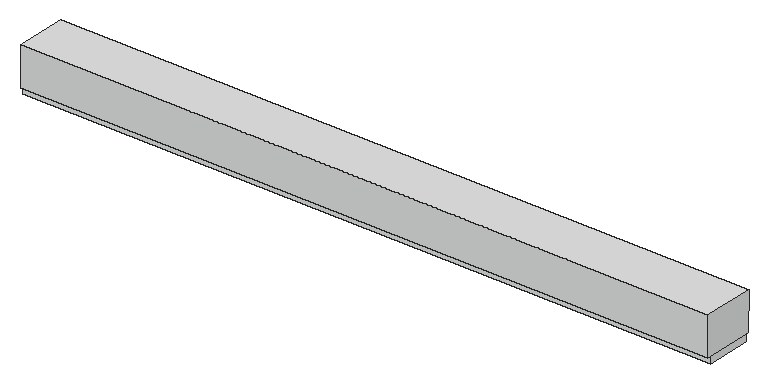
Revit family "Lighting-WallMount-Amerlux-Linea 2.5 ", category Lighting Fixtures, host Face, Revit 2019
Family settings
  Host = Face
  Round Connector Dimension = Use Diameter
  Part Type = Normal
  Cut with Voids When Loaded = No
  Light Source = Yes
  Shared = No
  Room Calculation Point = No
Parameters (values of type "Linea 2.5" Wall Mount")
  Width = 0' - 2 11/16"
  Wattage = 9.2903 W
  built-in parameter 1150110 = 1 (stored number, unit not read)
  Voltage = 0 V
  URL = "http://www.amerlux.com/"
  built-in parameter 1114217 = 1 (stored number, unit not read)
  Tilt Angle = -90.00°
  built-in parameter 1150109 = 1 (stored number, unit not read)
  built-in parameter 1150134 = 3
  built-in parameter 1150113 = 1 (stored number, unit not read)
  Power Factor = 1
  Photometric Web File = "Load File"
  Number of Poles = 1
  built-in parameter 1150142 = (empty or 0)
  Model = "Linea 2.5\" Wall Mount"
  Manufacturer = "Amerlux"
  built-in parameter 1150105 = 109.82 (stored number, unit not read)
  Lumens = 1380 lm
  built-in parameter 1150115 = 1 (stored number, unit not read)
  built-in parameter 1150137 = (empty or 0)
  built-in parameter 1150139 = (empty or 0)
  Length = 4' - 0"
  built-in parameter 1150112 = 1 (stored number, unit not read)
  built-in parameter 1150114 = 1 (stored number, unit not read)
  built-in parameter 1150132 = (empty or 0)
  built-in parameter 1150102 = (empty or 0)
  built-in parameter 1150107 = 3200 (stored number, unit not read)
  built-in parameter 1150138 = (empty or 0)
  built-in parameter 1150106 = 1.0982 (stored number, unit not read)
  Height = 0' - 3 1/2"
  Fixture Finish = Aluminum Finish
  Emit from Line Length = Length  # 4' - 0"
  built-in parameter 1150104 = 13.8 (stored number, unit not read)
  Dimming Lamp Color Temperature Shift = <None>
  Description = "Linear Direct LED"
  Default Elevation = 4' - 0"
  Color Filter = 16777215
  built-in parameter 1114218 = 1 (stored number, unit not read)
  built-in parameter 1150133 = 10 (stored number, unit not read)
  Apparent Load = 0 VA
Reference planes (in)
  plane 1 "Center (Front/Back)": y = 0
  plane 2: z = 0
  plane 3 "Center (Left/Right)": x = 0
  plane 4: y = -1.75
  plane 5: y = 1.75
  plane 6: z = 0
  plane 7: x = -24
  plane 8: x = 24
  plane 9: z = 3.1875
  plane 10: z = 0.5
Forms (in)
  Extrusion 1, solid, material "Aluminum Finish" <- "Fixture Finish"
    sketch origin (0, 1.75, 1.84375) x (0, 0, 1) y (0, -1, 0)
      loop
        line (1.34375, 3.5) -> (-1.34375, 3.5) -> (-1.34375, 0) -> (1.34375, 0) -> (1.34375, 3.5)
    from -24 to 24
  Extrusion 2, solid, material "Aluminum Finish"
    sketch origin (0, 0, 0) x (0, 1, 0) y (0, 0, 1)
      loop
        line (-1.5, 0.5) -> (-1.5, 0) -> (1.5418, 0) -> (1.5418, 0.5) -> (-1.5, 0.5)
    from -24 to 24
Dimensions and locks (in)
  plane 6 to host face = 0' - 0"
  equal spacing: plane 5, plane 1 "Center (Front/Back)", plane 4
  "Height": plane 5 to plane 4
  equal spacing: plane 7, plane 3 "Center (Left/Right)", plane 8
  "Length": plane 7 to plane 8
  locked: Extrusion 1 sketch curve to Extrusion 1 sketch curve at 3.5
  plane 10 to host face = 0' - 0 1/2"
  "Width": plane 9 to plane 10
  aligned and locked: plane 2 to host face
  aligned and locked: level to host face
  aligned and locked: Extrusion 1 to plane 7
  aligned and locked: plane 8 to Extrusion 1
  aligned and locked: Extrusion 1 to imposter light
  aligned and locked: Extrusion 1 to Extrusion 2  (x2)
Automatic sketch dimensions
  host sketch curve to host sketch curve = 8' - 0"  (x2)
  level to Extrusion 1 sketch curve = 0' - 0 1/2"
  plane 5 to Extrusion 1 sketch curve = 0' - 0"
  Extrusion 1 sketch curve to Extrusion 1 sketch curve = 0' - 2 11/16"
  Extrusion 2 sketch curve to level = 0' - 0"
  Extrusion 2 sketch curve to plane 10 = 0' - 0"
  plane 4 to Extrusion 2 sketch curve = 0' - 0 1/4"
  Extrusion 2 sketch curve to plane 5 = 0' - 0.2082"
Connectors (in)
  electrical at (24, 0, 1.84375), driven by "Number of Poles", driven by "Voltage", driven by "Apparent Load", driven by "Power Factor"
    settings: on Extrusion 1, index 1, voltage 0 V, apparent load 0 VA, apparent load phase1 0 VA, apparent load phase2 0 VA, apparent load phase3 0 VA, power factor 1, load classification "Other", number of poles 1, system type 31, power factor state 1, is connector primary yes, connector utility no, sub classification motor no, connector description "Power"
